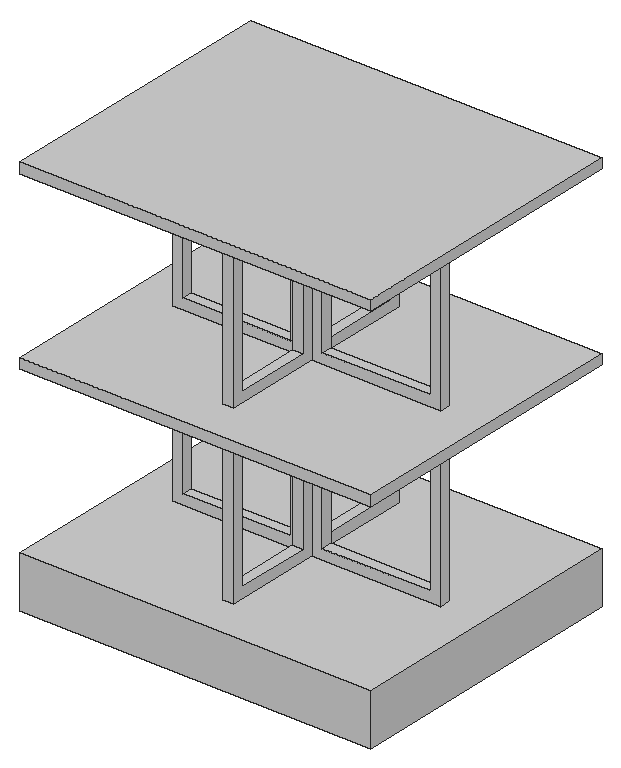
Revit family "FD", category Specialty Equipment, Revit 2012
Parameters (values of type "Freestanding Display (Default)")
  URL = "http://madixinc.com/display/freestanding.html"
  Model = "Freestanding Display"
  Manufacturer = "© 2012 Madix, Inc. All rights reserved."
Reference planes (in)
  plane 1 "Center (Front/Back)": y = 0
  plane 2: z = 0
  plane 3 "Center (Left/Right)": x = 0
  plane 4: x = -17
  plane 5: x = 17
  plane 6: y = 14
  plane 7: y = -14
  plane 8: z = 39
  plane 9: z = 5
  plane 10: z = 22
  plane 11: z = 21
  plane 12: z = 38
  plane 13: x = 13
  plane 14: x = -13
  plane 15: y = 0.5
  plane 16: y = -0.5
  plane 17: y = 10
  plane 18: y = -10
  plane 19: x = -0.5
  plane 20: x = 0.5
Forms (in)
  Extrusion 1, solid, material "Metal - Steel"
    sketch origin (0, 0, 0) x (1, 0, 0) y (0, 1, 0)
      loop
        line (-17, 14) -> (-17, -14) -> (17, -14) -> (17, 14) -> (-17, 14)
    from 0 to 5
  Extrusion 2, solid, material "Metal - Steel"
    sketch origin (0, 0, 0) x (1, 0, 0) y (0, 1, 0)
      loop
        line (-17, 14) -> (-17, -14) -> (17, -14) -> (17, 14) -> (-17, 14)
    from 21 to 22
  Extrusion 3, solid, material "Metal - Steel"
    sketch origin (0, 0, 0) x (1, 0, 0) y (0, 1, 0)
      loop
        line (-17, 14) -> (-17, -14) -> (17, -14) -> (17, 14) -> (-17, 14)
    from 38 to 39
  Extrusion 4, solid, material "Metal - Steel"
    sketch origin (0, 0, 0) x (1, 0, 0) y (0, 0, 1)
      loop
        line (-13, 38) -> (-13, 22) -> (-0.5, 22) -> (-0.5, 38) -> (-13, 38)
      loop
        line (-12, 23) -> (-1.5, 23) -> (-1.5, 37) -> (-12, 37) -> (-12, 23)
      loop
        line (13, 38) -> (0.5, 38) -> (0.5, 22) -> (13, 22) -> (13, 38)
      loop
        line (12, 23) -> (12, 37) -> (1.5, 37) -> (1.5, 23) -> (12, 23)
      loop
        line (-13, 5) -> (-0.5, 5) -> (-0.5, 21) -> (-13, 21) -> (-13, 5)
      loop
        line (-12, 20) -> (-12, 6) -> (-1.5, 6) -> (-1.5, 20) -> (-12, 20)
      loop
        line (13, 5) -> (13, 21) -> (0.5, 21) -> (0.5, 5) -> (13, 5)
      loop
        line (12, 20) -> (1.5, 20) -> (1.5, 6) -> (12, 6) -> (12, 20)
    from -0.5 to 0.5
  Extrusion 5, solid, material "Metal - Steel"
    sketch origin (0, 0, 0) x (0, 1, 0) y (0, 0, 1)
      loop
        line (-0.5, 22) -> (-0.5, 38) -> (-10, 38) -> (-10, 22) -> (-0.5, 22)
      loop
        line (-9, 23) -> (-1.5, 23) -> (-1.5, 37) -> (-9, 37) -> (-9, 23)
      loop
        line (0.5, 22) -> (10, 22) -> (10, 38) -> (0.5, 38) -> (0.5, 22)
      loop
        line (9, 23) -> (9, 37) -> (1.5, 37) -> (1.5, 23) -> (9, 23)
      loop
        line (-0.5, 21) -> (-10, 21) -> (-10, 5) -> (-0.5, 5) -> (-0.5, 21)
      loop
        line (-9, 20) -> (-9, 6) -> (-1.5, 6) -> (-1.5, 20) -> (-9, 20)
      loop
        line (0.5, 21) -> (0.5, 5) -> (10, 5) -> (10, 21) -> (0.5, 21)
      loop
        line (9, 20) -> (1.5, 20) -> (1.5, 6) -> (9, 6) -> (9, 20)
    from -0.5 to 0.5
Dimensions and locks (in)
  aligned and locked: level to plane 2
